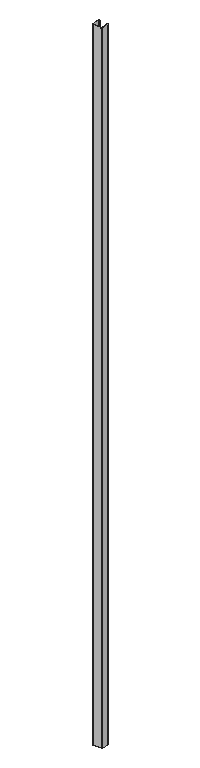
Revit family "e40b080efb1e49f5bb7cc2696da33865", category Structural Columns, Revit 2021
Family settings
  Section Shape = Not Defined
  Material for Model Behavior = Steel
  Always export as geometry = No
  Beam cutback in plan = From bounding box
  OmniClass Number = 23.25.30.11.14.11
  OmniClass Title = Columns
  Seek Item ID = Light Gauge-Studs-Column-0000-USA-ENU
  Cut with Voids When Loaded = No
  Symbolic Representation = From Project Settings
  Shared = No
  Show family pre-cut in plan views = Yes
Parameters (values of type "C1 5/8")
  t1 = if((t / 0.95 * 0' 1" / 1000) < 0' 0 1/32", 0' 0 1/32", (t / 0.95 * 0' 1" / 1000))  # 0' - 0 1/32"
  t = 18
  W = 0
  Structural Material [instance] = Metal - Light Gauge
  Assembly Code = "B10"
  B = 0' - 1 5/8"
  D = 0' - 1 1/4"
  d = 0' - 0 1/4"
  A = 0.00 in²
Reference planes (in)
  plane 1 "Center (Front/Back)": y = 0
  plane 2: z = 0
  plane 3 "Center (Left/Right)": x = 0
  plane 4 "Right": x = 1.625
  plane 5: y = 1.25
  plane 6: x = 0.25
  plane 7: x = 1.375
  plane 8 "Insertion(Left/Right)": x = 0.8125
Forms (in)
  Extrusion 1, solid, material "Metal - Light Gauge" <- "Structural Material", detail levels medium
    sketch origin (0, -0.8125, 0) x (1, 0, 0) y (0, 1, 0)
      loop
        line (0.03125, 2.03125) -> (0.25, 2.03125) -> (0.25, 2.0625) -> (0, 2.0625) -> (0, 0.8125) -> (1.625, 0.8125) -> (1.625, 2.0625) -> (1.375, 2.0625) -> (1.375, 2.03125) -> (1.59375, 2.03125) -> (1.59375, 0.84375) -> (0.03125, 0.84375) -> (0.03125, 2.03125)
    from 0 to 108
  Extrusion 2, solid, material "Metal - Light Gauge" <- "Structural Material", detail levels fine
    sketch origin (0, -0.8125, 0) x (1, 0, 0) y (0, 1, 0)
      loop
        arc (0.03125, 1.96875) -> (0.04956, 2.01294) -> (0.09375, 2.03125) r 0.0625
        line (0.09375, 2.03125) -> (0.25, 2.03125) -> (0.25, 2.0625) -> (0.09375, 2.0625)
        arc (0.09375, 2.0625) -> (0.02746, 2.03504) -> (0, 1.96875) r 0.09375
        line (0, 1.96875) -> (0, 0.90625)
        arc (0, 0.90625) -> (0.02746, 0.83996) -> (0.09375, 0.8125) r 0.09375
        line (0.09375, 0.8125) -> (1.53125, 0.8125)
        arc (1.53125, 0.8125) -> (1.59754, 0.83996) -> (1.625, 0.90625) r 0.09375
        line (1.625, 0.90625) -> (1.625, 1.96875)
        arc (1.625, 1.96875) -> (1.59754, 2.03504) -> (1.53125, 2.0625) r 0.09375
        line (1.53125, 2.0625) -> (1.375, 2.0625) -> (1.375, 2.03125) -> (1.53125, 2.03125)
        arc (1.53125, 2.03125) -> (1.57544, 2.01294) -> (1.59375, 1.96875) r 0.0625
        line (1.59375, 1.96875) -> (1.59375, 0.90625)
        arc (1.59375, 0.90625) -> (1.57544, 0.86206) -> (1.53125, 0.84375) r 0.0625
        line (1.53125, 0.84375) -> (0.09375, 0.84375)
        arc (0.09375, 0.84375) -> (0.04956, 0.86206) -> (0.03125, 0.90625) r 0.0625
        line (0.03125, 0.90625) -> (0.03125, 1.96875)
    from 0 to 108
Lines and regions (in)
  symbolic lines, style "Hidden Faces", detail levels medium+fine
    curve 1: line (0.03125, 1.21875, 108) -> (0.03125, 1.21875, 0)
    curve 2: line (0.03125, 0.03125, 108) -> (0.03125, 0.03125, 0)
    curve 8: line (0.03125, 0, 108) -> (0.03125, 0, 0)
    curve 9: line (0.25, 0, 108) -> (0.25, 0, 0)
    curve 10: line (1.59375, 0, 108) -> (1.59375, 0, 0)
    curve 11: line (1.375, 0, 108) -> (1.375, 0, 0)
  symbolic lines, style "StructuralColumnStickSymbols", detail levels coarse
    curve 3: line (0, 0, 0) -> (0, 1.25, 0)
    curve 4: line (0, 0, 0) -> (1.625, 0, 0)
    curve 5: line (1.625, 0, 0) -> (1.625, 1.25, 0)
    curve 6: line (1.625, 1.25, 0) -> (1.375, 1.25, 0)
    curve 7: line (0, 1.25, 0) -> (0.25, 1.25, 0)
Dimensions and locks (in)
  "t1": Extrusion 1 sketch curve to Extrusion 1 sketch curve  (x5)
  "t1": Extrusion 2 sketch curve to Extrusion 2 sketch curve  (x5)
  "d": plane 3 "Center (Left/Right)" to plane 6
  "d": plane 7 to plane 4 "Right"
  "B": plane 3 "Center (Left/Right)" to plane 4 "Right"
  "D": plane 1 "Center (Front/Back)" to plane 5
  "t1": Extrusion 1 to curve 8
  "t1": curve 10 to Extrusion 1
  "t1": Extrusion 1 to curve 1
  "t1": curve 2 to Extrusion 1
  locked: Extrusion 2 sketch curve to Extrusion 2 sketch curve at 0.0625  (x7)
  equal spacing: plane 6, plane 8 "Insertion(Left/Right)", plane 7
  aligned and locked: level to Extrusion 1
  aligned and locked: level to plane 2
  aligned and locked: Extrusion 1 to plane 2
  aligned and locked: plane 4 "Right" to Extrusion 1 sketch curve
  aligned and locked: plane 1 "Center (Front/Back)" to Extrusion 1 sketch curve
  aligned and locked: plane 5 to Extrusion 1 sketch curve  (x4)
  aligned and locked: plane 5 to Extrusion 2 sketch curve
  aligned and locked: Extrusion 1 sketch curve to plane 6
  aligned and locked: plane 7 to Extrusion 1 sketch curve  (x2)
  aligned and locked: plane 6 to Extrusion 1 sketch curve
  aligned and locked: plane 7 to Extrusion 2 sketch curve  (x2)
  aligned and locked: plane 6 to Extrusion 2 sketch curve  (x2)
  aligned and locked: Extrusion 1 to Extrusion 2 sketch curve  (x2)
  aligned and locked: curve 3 to Extrusion 1
  aligned and locked: plane 1 "Center (Front/Back)" to Extrusion 2
  aligned and locked: Extrusion 2 to plane 4 "Right"
  aligned and locked: Extrusion 1 to plane 5  (x2)
  aligned and locked: plane 1 "Center (Front/Back)" to Extrusion 1
  aligned and locked: Extrusion 1 to plane 4 "Right"
  aligned and locked: Extrusion 1 to plane 3 "Center (Left/Right)"
  aligned and locked: plane 5 to curve 7
  aligned and locked: curve 6 to plane 5
  aligned and locked: level to Extrusion 2
  aligned and locked: curve 9 to Extrusion 2
  aligned and locked: curve 11 to Extrusion 2
  aligned and locked: level to curve 8  (x2)
  aligned and locked: level to curve 9  (x2)
  aligned and locked: level to curve 11  (x2)
  aligned and locked: level to curve 10  (x2)
  aligned and locked: level to curve 1  (x2)
  aligned and locked: level to curve 2  (x2)
  aligned and locked: Extrusion 2 to level  (x2)
  aligned and locked: Extrusion 1 to level  (x3)
Automatic sketch dimensions
  Extrusion 1 sketch curve to plane 3 "Center (Left/Right)" = 0' - 0"
  curve 7 to plane 6 = 0' - 0"
  curve 6 to plane 7 = 0' - 0"
  curve 6 to plane 4 "Right" = 0' - 0"
  curve 5 to plane 1 "Center (Front/Back)" = 0' - 0"
  Extrusion 2 sketch curve to Extrusion 2 sketch curve = 0' - 0"  (x4)
  Extrusion 2 sketch curve to plane 5 = 0' - 0"
  Extrusion 2 sketch curve to plane 4 "Right" = 0' - 0"
